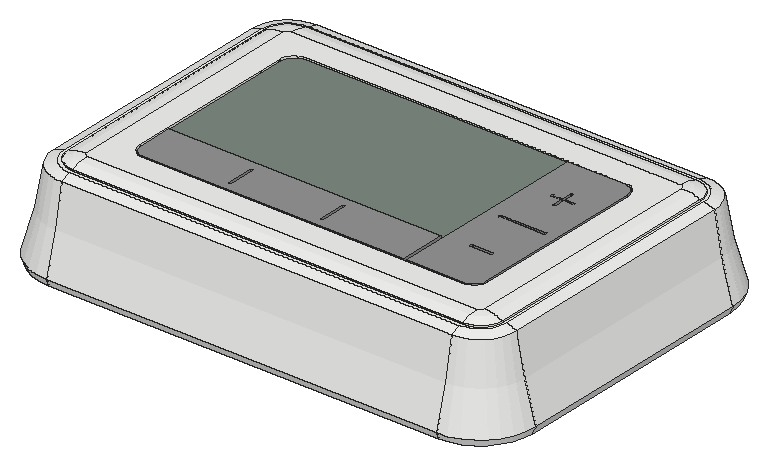
Revit family "Resideo_Thermostat_T4a", category Electrical Fixtures, host Face, Revit 2019
Family settings
  Host = Face
  Maintain Annotation Orientation = No
  Round Connector Dimension = Use Diameter
  Part Type = Normal
  OmniClass Number = 23.75.65.11.11
  OmniClass Title = Heating Controllers
  Cut with Voids When Loaded = No
  Shared = No
  Room Calculation Point = No
Parameters (values of type "T4H110A1021")
  _ObjectUserGuide = "https://www.bimstore.co/products/thermostat-t4/document/object-user-guide"
  _DistributedBy = "https://www.bimstore.co/"
  _CurrentRevision = 1
  _CreatedBy = "https://www.bimstore.co/"
  _BimSpecGuid = 0
  _BSBibleVersion = 16
  _AuthorizedBy = "bimstore"
  _Author = "RW"
  WarrantyStartDate [instance] = "Please Record On Commissioning."
  WarrantyGuarantorParts = "https://www.resideo.com/gb/en/contact-us/"
  WarrantyGuarantorLabor = "https://www.resideo.com/gb/en/contact-us/"
  WarrantyDurationUnit = "Years"
  WarrantyDurationParts = "0"
  WarrantyDurationLabor = "0"
  WarrantyDescription = "n/a"
  URL = "https://www.resideo.com/"
  TypeName = "T4H110A1021 - T4 WIRED PROGRAMMABLE THERMOSTAT"
  Type Comments = "T4 WIRED PROGRAMMABLE THERMOSTAT"
  SpareParts = "n/a"
  Size = "28mm (D) x 97mm (H) x 136mm (L)"
  Shape = "n/a"
  SerialNumber [instance] = "Please Record On Commissioning."
  SecondaryMaterial = Resideo - Plastic - Dark Grey
  ReplacementCost = "n/a"
  ReferencedStandard = "n/a"
  ProductionYear = "2022"
  PrimaryMaterial = Resideo - Plastic - White
  NominalLength = 136 mm
  NominalHeight = 97 mm
  NominalDepth = 28 mm
  NBSReference = "n/a"
  NBSOfficeMasterTag = "n/a"
  NBSObjectName = "Resideo - Room temperature sensors"
  NBSNote = "n/a"
  NBSDescription = "Room temperature sensors"
  ModelReference = "T4 WIRED PROGRAMMABLE THERMOSTAT"
  ModelNumber = "T4H110A1021"
  Model = "T4H110A1021"
  Material = "n/a"
  ManufacturerName = "Resideo"
  Manufacturer = "Resideo"
  Keynote = "W"
  InstallationDate [instance] = "Please Record On Commissioning."
  IfcExportType = "IfcUnitaryControlElementTypeEnum.CONTROLPANEL"
  IfcExportAs = "IfcUnitaryControlElement"
  Grade = "n/a"
  Finish = "n/a"
  Features = "n/a"
  ExpectedLife = 0
  DurationUnit = "Years"
  DocumentationTechnical = "https://www.bimstore.co/products/thermostat-t4/document/technical-data-sheet"
  DocumentationMaintenance = "https://www.bimstore.co/products/thermostat-t4/document/maintenance-information"
  DocumentationLiterature = "https://www.bimstore.co/products/thermostat-t4/document/product-literature"
  DocumentationInstallationGuide = "https://www.bimstore.co/products/thermostat-t4/document/installation-guide"
  DocumentationCertificates = "https://www.bimstore.co/products/thermostat-t4/document/product-certificates"
  DisplayMaterial = Resideo - Screen - Green
  Description = "T4 WIRED PROGRAMMABLE THERMOSTAT"
  Default Elevation = 0 mm
  CreatedOn = "2022-04-01T09:00:00"
  CreatedBy = "https://www.resideo.com/gb/en/contact-us/"
  Cost = 0
  Constituents = "n/a"
  Color = "n/a"
  CodePerformance = "n/a"
  ClassificationValue = "Pr_75_50_76_73"
  ClassificationName = "Uniclass2015"
  BarCode [instance] = "Please Record On Commissioning."
  BIMObjectName = "Resideo_Thermostat_T4"
  AssetType = "Fixed"
  AssetIdentifier [instance] = "n/a"
  Assembly Code = "D3060"
  AccessibilityPerformance = "n/a"
Types (3, lengths in mm): name | TypeName | Type Comments | ModelReference | ModelNumber | Model | Description
  T4H110A1021 | "T4H110A1021 - T4 WIRED PROGRAMMABLE THERMOSTAT" | "T4 WIRED PROGRAMMABLE THERMOSTAT" | "T4 WIRED PROGRAMMABLE THERMOSTAT" | "T4H110A1021" | "T4H110A1021" | "T4 WIRED PROGRAMMABLE THERMOSTAT"
  T4H110A1013 | "T4H110A1013 - T4 FOR WEST EUROPE" | "T4 FOR WEST EUROPE" | "T4 FOR WEST EUROPE" | "T4H110A1013" | "T4H110A1013" | "T4 FOR WEST EUROPE"
  T4H110A1023 | "T4H110A1023 - T4 FOR WEST EUROPE" | "T4 FOR WEST EUROPE" | "T4 FOR WEST EUROPE" | "T4H110A1023" | "T4H110A1023" | "T4 FOR WEST EUROPE"
Reference planes
  plane 1 "Center (Front/Back)": y = 0
  plane 2: z = 0
  plane 3 "Center (Left/Right)": x = 0
  plane 4: x = -68
  plane 5: x = 68
  plane 6: y = 48.5
  plane 7: y = -48.5
  plane 8 "TOP": z = 28
Forms (mm)
  Sweep 1, solid, material "Resideo - Plastic - White" <- "PrimaryMaterial", detail levels medium+fine
    path origin (0, 0, 0) x (1, 0, 0) y (0, 1, 0)
      loop
        arc (-53, 48.5) -> (-63.607, 44.107) -> (-68, 33.5) r 15
        line (-68, 33.5) -> (-68, -33.5)
        arc (-68, -33.5) -> (-63.607, -44.107) -> (-53, -48.5) r 15
        line (-53, -48.5) -> (53, -48.5)
        arc (53, -48.5) -> (63.607, -44.107) -> (68, -33.5) r 15
        line (68, -33.5) -> (68, 33.5)
        arc (68, 33.5) -> (63.607, 44.107) -> (53, 48.5) r 15
        line (53, 48.5) -> (-53, 48.5)
    profile origin (0, 48.5, 0) x (0, 1, 0) y (0, 0, 1)
      loop
        line (-6.248, 0) -> (-6.248, 2.396) -> (-0.731, 2.396) -> (0, 4.118)
        arc (0, 4.118) -> (-3.128, 14.819) -> (-5.062, 25.799) r 101.421
        line (-5.062, 25.799) -> (-7.941, 26.735) -> (-8.909, 26.735) -> (-8.909, 0) -> (-6.248, 0)
  Extrusion 2, solid, material "Resideo - Plastic - White" <- "PrimaryMaterial", detail levels medium+fine
    sketch origin (0, 0, 0) x (1, 0, 0) y (0, 1, 0)
      loop
        arc (-53, 39.591) -> (-57.307, 37.807) -> (-59.091, 33.5) r 6.091
        line (-59.091, 33.5) -> (-59.091, -33.5)
        arc (-59.091, -33.5) -> (-57.307, -37.807) -> (-53, -39.591) r 6.091
        line (-53, -39.591) -> (53, -39.591)
        arc (53, -39.591) -> (57.307, -37.807) -> (59.091, -33.5) r 6.091
        line (59.091, -33.5) -> (59.091, 33.5)
        arc (59.091, 33.5) -> (57.307, 37.807) -> (53, 39.591) r 6.091
        line (53, 39.591) -> (-53, 39.591)
      loop
        arc (-43.452, 27.75) -> (-46.281, 26.578) -> (-47.452, 23.75) r 4
        line (-47.452, 23.75) -> (-47.452, -23.75)
        arc (-47.452, -23.75) -> (-46.281, -26.578) -> (-43.452, -27.75) r 4
        line (-43.452, -27.75) -> (43.452, -27.75)
        arc (43.452, -27.75) -> (46.281, -26.578) -> (47.452, -23.75) r 4
        line (47.452, -23.75) -> (47.452, 23.75)
        arc (47.452, 23.75) -> (46.281, 26.578) -> (43.452, 27.75) r 4
        line (43.452, 27.75) -> (-43.452, 27.75)
    from 0 to 28
  Sweep 3, void
    path in 3D
      loop
        arc (-53, 39.591, 28) -> (-57.307, 37.807, 28) -> (-59.091, 33.5, 28) r 6.091
        line (-59.091, 33.5, 28) -> (-59.091, -33.5, 28)
        arc (-59.091, -33.5, 28) -> (-57.307, -37.807, 28) -> (-53, -39.591, 28) r 6.091
        line (-53, -39.591, 28) -> (53, -39.591, 28)
        arc (53, -39.591, 28) -> (57.307, -37.807, 28) -> (59.091, -33.5, 28) r 6.091
        line (59.091, -33.5, 28) -> (59.091, 33.5, 28)
        arc (59.091, 33.5, 28) -> (57.307, 37.807, 28) -> (53, 39.591, 28) r 6.091
        line (53, 39.591, 28) -> (-53, 39.591, 28)
    profile origin (0, 39.591, 28) x (0, -1, 0) y (0, 0, 1)
      loop
        line (4.987, 1.471) -> (0, 1.471) -> (0, -1.001)
        arc (0, -1.001) -> (2.444, -0.253) -> (4.987, 0) r 12.925
        line (4.987, 0) -> (4.987, 1.471)
  Extrusion 4, solid, material "Resideo - Plastic - Dark Grey" <- "SecondaryMaterial", detail levels fine
    sketch origin (0, 0, 28) x (0, 1, 0) y (-1, 0, 0)
      loop
        line (-14.58, 46.952) -> (-23.75, 46.952)
        arc (-23.75, 46.952) -> (-26.225, 45.927) -> (-27.25, 43.452) r 3.5
        line (-27.25, 43.452) -> (-27.25, -26.993) -> (-14.58, -26.993) -> (-14.58, 46.952)
      loop
        line (27.27, -27.993) -> (-27.25, -27.993) -> (-27.25, -43.452)
        arc (-27.25, -43.452) -> (-26.225, -45.927) -> (-23.75, -46.952) r 3.5
        line (-23.75, -46.952) -> (23.75, -46.952)
        arc (23.75, -46.952) -> (26.225, -45.927) -> (27.25, -43.452) r 3.5
        line (27.25, -43.452) -> (27.27, -27.993)
      loop
        line (-17.6, 22.53) -> (-24.6, 22.53)
        arc (-24.6, 22.53) -> (-24.975, 22.155) -> (-24.6, 21.78) r 0.375
        line (-24.6, 21.78) -> (-17.6, 21.78)
        arc (-17.6, 21.78) -> (-17.225, 22.155) -> (-17.6, 22.53) r 0.375
      loop
        arc (-24.6, -2.491) -> (-25.019, -2.91) -> (-24.6, -3.329) r 0.419
        line (-24.6, -3.329) -> (-17.6, -3.329)
        arc (-17.6, -3.329) -> (-17.181, -2.91) -> (-17.6, -2.491) r 0.419
        line (-17.6, -2.491) -> (-24.6, -2.491)
      loop
        line (-13.451, -40.317) -> (-13.451, -34.795)
        arc (-13.451, -34.795) -> (-13.8, -34.447) -> (-14.149, -34.795) r 0.349
        line (-14.149, -34.795) -> (-14.149, -40.317)
        arc (-14.149, -40.317) -> (-13.8, -40.665) -> (-13.451, -40.317) r 0.349
      loop
        arc (-0.419, -43.644) -> (0, -44.063) -> (0.419, -43.644) r 0.419
        line (0.419, -43.644) -> (0.419, -31.644)
        arc (0.419, -31.644) -> (0, -31.225) -> (-0.419, -31.644) r 0.419
        line (-0.419, -31.644) -> (-0.419, -43.644)
      loop
        line (14.175, -37.181) -> (14.175, -34.795)
        arc (14.175, -34.795) -> (13.8, -34.42) -> (13.425, -34.795) r 0.375
        line (13.425, -34.795) -> (13.425, -37.181) -> (11.039, -37.181)
        arc (11.039, -37.181) -> (10.664, -37.556) -> (11.039, -37.931) r 0.375
        line (11.039, -37.931) -> (13.425, -37.931) -> (13.425, -40.317)
        arc (13.425, -40.317) -> (13.8, -40.692) -> (14.175, -40.317) r 0.375
        line (14.175, -40.317) -> (14.175, -37.931) -> (16.561, -37.931)
        arc (16.561, -37.931) -> (16.936, -37.556) -> (16.561, -37.181) r 0.375
        line (16.561, -37.181) -> (14.175, -37.181)
    from -1.265 to 0
  Extrusion 5, solid, material "Resideo - Plastic - Dark Grey" <- "SecondaryMaterial", detail levels medium+fine
    sketch origin (0, 0, 0) x (1, 0, 0) y (0, 1, 0)
      loop
        arc (-43.452, 27.75) -> (-46.281, 26.578) -> (-47.452, 23.75) r 4
        line (-47.452, 23.75) -> (-47.452, -23.75)
        arc (-47.452, -23.75) -> (-46.281, -26.578) -> (-43.452, -27.75) r 4
        line (-43.452, -27.75) -> (43.452, -27.75)
        arc (43.452, -27.75) -> (46.281, -26.578) -> (47.452, -23.75) r 4
        line (47.452, -23.75) -> (47.452, 23.75)
        arc (47.452, 23.75) -> (46.281, 26.578) -> (43.452, 27.75) r 4
        line (43.452, 27.75) -> (-43.452, 27.75)
    from 25.799 to 26.735
  Extrusion 6, solid, material "Resideo - Screen - Green" <- "DisplayMaterial", detail levels medium+fine
    sketch origin (0, 0, 0.936) x (1, 0, 0) y (0, 1, 0)
      loop
        arc (-43.452, 27.75) -> (-46.281, 26.578) -> (-47.452, 23.75) r 4
        line (-47.452, 23.75) -> (-47.452, -14.58) -> (27.993, -14.58) -> (27.993, 27.75) -> (-43.452, 27.75)
    from 25.799 to 26.735
  Extrusion 7, solid, material "Resideo - Plastic - Dark Grey" <- "SecondaryMaterial", detail levels medium
    sketch origin (0, 0, 28) x (0, 1, 0) y (-1, 0, 0)
      loop
        line (-14.58, 46.952) -> (-23.75, 46.952)
        arc (-23.75, 46.952) -> (-26.225, 45.927) -> (-27.25, 43.452) r 3.5
        line (-27.25, 43.452) -> (-27.25, -26.993) -> (-14.58, -26.993) -> (-14.58, 46.952)
      loop
        line (27.27, -27.993) -> (-27.25, -27.993) -> (-27.25, -43.452)
        arc (-27.25, -43.452) -> (-26.225, -45.927) -> (-23.75, -46.952) r 3.5
        line (-23.75, -46.952) -> (23.75, -46.952)
        arc (23.75, -46.952) -> (26.225, -45.927) -> (27.25, -43.452) r 3.5
        line (27.25, -43.452) -> (27.27, -27.993)
    from -1.265 to 0
  Extrusion 8, solid, material "Resideo - Plastic - White" <- "PrimaryMaterial", detail levels coarse
    sketch origin (0, 0, 28) x (0, 1, 0) y (-1, 0, 0)
      loop
        line (48.5, 68) -> (-48.5, 68) -> (-48.5, -68) -> (48.5, -68) -> (48.5, 68)
    from -28 to 0
  Extrusion 9, solid, material "Resideo - Plastic - White" <- "PrimaryMaterial", detail levels medium+fine
    sketch origin (0, 0, -0.936) x (1, 0, 0) y (0, 1, 0)
      loop
        arc (-43.452, 27.75) -> (-46.281, 26.578) -> (-47.452, 23.75) r 4
        line (-47.452, 23.75) -> (-47.452, -23.75)
        arc (-47.452, -23.75) -> (-46.281, -26.578) -> (-43.452, -27.75) r 4
        line (-43.452, -27.75) -> (43.452, -27.75)
        arc (43.452, -27.75) -> (46.281, -26.578) -> (47.452, -23.75) r 4
        line (47.452, -23.75) -> (47.452, 23.75)
        arc (47.452, 23.75) -> (46.281, 26.578) -> (43.452, 27.75) r 4
        line (43.452, 27.75) -> (-43.452, 27.75)
    from 0.936 to 26.735
Cuts and joins
  Sweep 3 cuts Extrusion 2
  joined: Sweep 1, Extrusion 9
Lines and regions (mm)
  sketch lines
    curve 1: line (53, 39.591, 28) -> (-53, 39.591, 28)
    curve 2: arc (-59.091, 33.5, 28) -> (-57.307, 37.807, 28) -> (-53, 39.591, 28) r 6.091
    curve 3: line (-59.091, 33.5, 28) -> (-59.091, -33.5, 28)
    curve 4: arc (-53, -39.591, 28) -> (-57.307, -37.807, 28) -> (-59.091, -33.5, 28) r 6.091
    curve 5: line (-53, -39.591, 28) -> (53, -39.591, 28)
    curve 6: arc (59.091, -33.5, 28) -> (57.307, -37.807, 28) -> (53, -39.591, 28) r 6.091
    curve 7: line (59.091, -33.5, 28) -> (59.091, 33.5, 28)
    curve 8: arc (53, 39.591, 28) -> (57.307, 37.807, 28) -> (59.091, 33.5, 28) r 6.091
Dimensions and locks
  equal spacing: plane 4, plane 3 "Center (Left/Right)", plane 5
  equal spacing: plane 6, plane 1 "Center (Front/Back)", plane 7
  "NominalHeight": plane 6 to plane 7
  "NominalLength": plane 4 to plane 5
  "NominalDepth": plane 8 "TOP" to level
  aligned and locked: plane 2 to host face
  aligned and locked: level to host face
Automatic sketch dimensions
  host sketch curve to host sketch curve = 2438.4 mm  (x2)
  Sweep 1 sketch curve to plane 4 = 0 mm
  Sweep 1 sketch curve to plane 7 = 0 mm
  Sweep 1 sketch curve to plane 6 = 0 mm
  Sweep 1 sketch curve to plane 5 = 0 mm
  plane 4 to Sweep 1 sketch curve = 15 mm
  Sweep 1 sketch curve to Sweep 1 sketch curve = 15 mm  (x2)
  Sweep 1 sketch curve to plane 5 = 15 mm
  Sweep 1 sketch curve to level = 0 mm
  Sweep 1 sketch curve to profile plane = 0 mm
  profile plane to Sweep 1 sketch curve = 0.731 mm
  profile plane to Sweep 1 sketch curve = 5.062 mm
  Sweep 1 sketch curve to Sweep 1 sketch curve = 5.517 mm
  Sweep 1 sketch curve to Sweep 1 sketch curve = 2.879 mm
  Sweep 1 sketch curve to Sweep 1 sketch curve = 0.967 mm
  level to Sweep 1 sketch curve = 37.879 mm
  Sweep 1 sketch curve to profile plane = 95.637 mm
  level to Sweep 1 sketch curve = 2.396 mm
  Sweep 1 sketch curve to Sweep 1 sketch curve = 1.722 mm
  Sweep 1 sketch curve to Sweep 1 sketch curve = 0.936 mm
  plane 4 to Extrusion 2 sketch curve = 8.909 mm
  Extrusion 2 sketch curve to Extrusion 2 sketch curve = 6.091 mm  (x3)
  Extrusion 2 sketch curve to Extrusion 2 sketch curve = 5.548 mm
  Extrusion 2 sketch curve to Extrusion 2 sketch curve = 4 mm  (x3)
  Extrusion 2 sketch curve to plane 5 = 24.548 mm  (x2)
  Extrusion 2 sketch curve to plane 5 = 15 mm
  Extrusion 2 sketch curve to Extrusion 2 sketch curve = 9.548 mm
  plane 7 to Extrusion 2 sketch curve = 8.909 mm
  Extrusion 2 sketch curve to Extrusion 2 sketch curve = 5.75 mm  (x2)
  Extrusion 2 sketch curve to plane 1 "Center (Front/Back)" = 23.75 mm
  Sweep 3 sketch curve to profile plane = 0 mm  (x2)
  Sweep 3 sketch curve to profile plane = 4.987 mm
  Sweep 3 sketch curve to profile plane = 1.001 mm
  profile plane to Sweep 3 sketch curve = 1.471 mm
  plane 1 "Center (Front/Back)" to Extrusion 4 sketch curve = 0 mm
  plane 1 "Center (Front/Back)" to Extrusion 4 sketch curve = 0.419 mm
  Extrusion 4 sketch curve to Extrusion 4 sketch curve = 13.033 mm
  Extrusion 4 sketch curve to Extrusion 4 sketch curve = 0.349 mm
  Extrusion 4 sketch curve to Extrusion 4 sketch curve = 0.431 mm
  plane 3 "Center (Left/Right)" to Extrusion 4 sketch curve = 2.91 mm
  plane 1 "Center (Front/Back)" to Extrusion 4 sketch curve = 17.6 mm  (x2)
  Extrusion 4 sketch curve to Extrusion 4 sketch curve = 9.17 mm
  Extrusion 4 sketch curve to Extrusion 4 sketch curve = 9.601 mm
  Extrusion 4 sketch curve to Extrusion 4 sketch curve = 7 mm  (x2)
  Extrusion 4 sketch curve to Extrusion 4 sketch curve = 3.5 mm  (x2)
  Extrusion 4 sketch curve to Extrusion 4 sketch curve = 0 mm  (x4)
  Extrusion 4 sketch curve to plane 1 "Center (Front/Back)" = 11.039 mm
  Extrusion 4 sketch curve to Extrusion 4 sketch curve = 2.386 mm  (x4)
  Extrusion 4 sketch curve to Extrusion 4 sketch curve = 0.375 mm  (x5)
  Extrusion 4 sketch curve to Extrusion 4 sketch curve = 7.189 mm
  Extrusion 4 sketch curve to Extrusion 4 sketch curve = 10.709 mm
  Extrusion 4 sketch curve to Extrusion 4 sketch curve = 0.419 mm
  Extrusion 4 sketch curve to Extrusion 4 sketch curve = 23.665 mm
  plane 3 "Center (Left/Right)" to Extrusion 4 sketch curve = 27.993 mm
  Extrusion 4 sketch curve to Extrusion 4 sketch curve = 4.651 mm
  Extrusion 4 sketch curve to Extrusion 4 sketch curve = 3.151 mm
  Extrusion 4 sketch curve to Extrusion 4 sketch curve = 7.802 mm
  Extrusion 4 sketch curve to Extrusion 4 sketch curve = 5.521 mm
  Extrusion 4 sketch curve to Extrusion 4 sketch curve = 3.136 mm
  Extrusion 4 sketch curve to Extrusion 4 sketch curve = 12 mm
  Extrusion 4 sketch curve to plane 3 "Center (Left/Right)" = 21.78 mm
  Extrusion 4 sketch curve to Extrusion 4 sketch curve = 20.922 mm
  plane 4 to Extrusion 5 sketch curve = 20.548 mm
  Extrusion 5 sketch curve to Extrusion 5 sketch curve = 4 mm  (x3)
  Extrusion 5 sketch curve to plane 5 = 24.548 mm  (x2)
  plane 7 to Extrusion 5 sketch curve = 20.75 mm
  Extrusion 5 sketch curve to plane 1 "Center (Front/Back)" = 23.75 mm
  plane 4 to Extrusion 6 sketch curve = 20.548 mm
  Extrusion 6 sketch curve to Extrusion 6 sketch curve = 4 mm
  plane 3 "Center (Left/Right)" to Extrusion 6 sketch curve = 27.993 mm
  plane 1 "Center (Front/Back)" to Extrusion 6 sketch curve = 14.58 mm
  Extrusion 6 sketch curve to plane 1 "Center (Front/Back)" = 23.75 mm
  plane 7 to Extrusion 7 sketch curve = 21.25 mm
  Extrusion 7 sketch curve to Extrusion 7 sketch curve = 0 mm  (x2)
  Extrusion 7 sketch curve to Extrusion 7 sketch curve = 3.5 mm  (x3)
  Extrusion 7 sketch curve to Extrusion 7 sketch curve = 9.17 mm
  Extrusion 7 sketch curve to plane 1 "Center (Front/Back)" = 23.75 mm
  Extrusion 7 sketch curve to Extrusion 7 sketch curve = 3.52 mm
  Extrusion 7 sketch curve to plane 5 = 21.048 mm
  Extrusion 7 sketch curve to Extrusion 7 sketch curve = 15.459 mm
  Extrusion 7 sketch curve to Extrusion 7 sketch curve = 1 mm
  plane 4 to Extrusion 7 sketch curve = 24.548 mm
  Extrusion 8 sketch curve to plane 4 = 0 mm
  Extrusion 8 sketch curve to plane 7 = 0 mm
  Extrusion 8 sketch curve to plane 6 = 0 mm
  Extrusion 8 sketch curve to plane 5 = 0 mm
  plane 4 to Extrusion 9 sketch curve = 20.548 mm
  Extrusion 9 sketch curve to Extrusion 9 sketch curve = 4 mm  (x3)
  Extrusion 9 sketch curve to plane 5 = 24.548 mm  (x2)
  plane 7 to Extrusion 9 sketch curve = 20.75 mm
  Extrusion 9 sketch curve to plane 1 "Center (Front/Back)" = 23.75 mm
